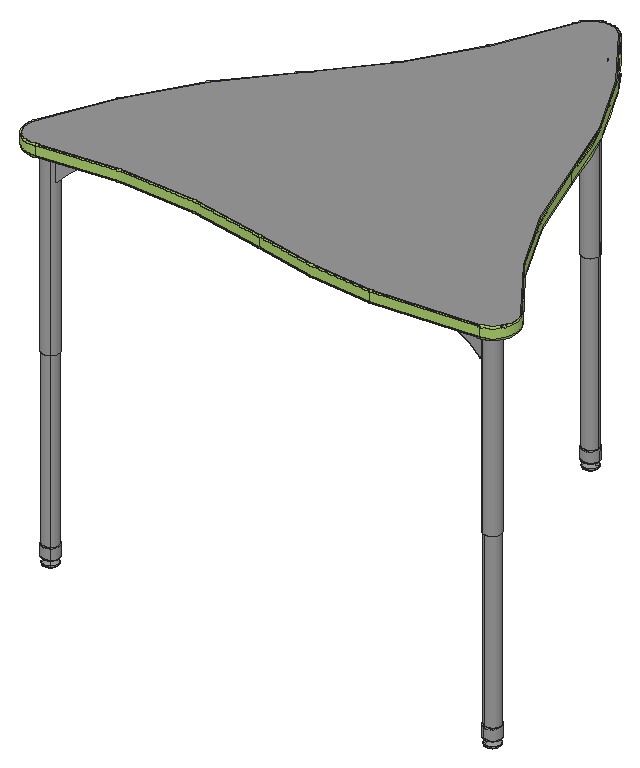
Revit family "Hierarchy Creator Triangle Table - Standing Height", category Furniture, Revit 2018
Family settings
  Work Plane-Based = No
  Always vertical = Yes
  Cut with Voids When Loaded = No
  Shared = No
  Room Calculation Point = No
Parameters
  Table Height = 3' - 5"
  Surface = Hierarchy Creator Triangle Table Standing Surface
  Leg Finish = Hierarchy Leg Platinum
  Edgeband = Hierarchy Creator Triangle Table Standing Edgeband
  Caster/Glide = Hierarchy Standing Leg - Glide : Hierarchy Standing Leg - Glide
Reference planes (in)
  plane 1 "Center (Front/Back)": y = 0
  plane 2: z = 0
  plane 3 "Center (Left/Right)": x = 0
  plane 4: z = 41
Dimensions and locks (in)
  "Table Height": plane 4 to level
  aligned and locked: plane 2 to level
  aligned and locked: nested 1 to plane 4
Nested families (in)
  nested 1: "Creator Triangle Tabletop" at (0, 0, 13.85825), type "Creator Triangle Tabletop"
  nested 2: "Hierarchy Standing Leg - Glide" at (-24.55717, -20.00894, 0) x (-0.6401, 0.7683, 0) z (0, 0, 1), type <- "Caster/Glide", Leg Finish <- "Leg Finish", Leg Height <- "Table Height", type "Hierarchy Standing Leg - Glide"
  nested 3: "Hierarchy Standing Leg - Glide" at (24.55071, -21.01143, 0) x (-0.3625, -0.932, 0) z (0, 0, 1), type <- "Caster/Glide", Leg Finish <- "Leg Finish", Leg Height <- "Table Height", type "Hierarchy Standing Leg - Glide"
  nested 4: "Hierarchy Standing Leg - Glide" at (0.87248, 21.97119, 0) x (0.9833, 0.182, 0) z (0, 0, 1), Leg Finish <- "Leg Finish", Leg Height <- "Table Height", type "Hierarchy Standing Leg - Glide"
Definition of nested family "Creator Triangle Tabletop"
  Parameters (values of type "Creator Triangle Tabletop")
    Surface = none
    Edgeband = none
  Reference planes (in)
    plane 1 "Center (Front/Back)": y = 0
    plane 2: z = 0
    plane 3 "Center (Left/Right)": x = 0
  Forms (in)
    Extrusion 1, solid, material <- "Surface"
      sketch origin (0, 0, 0) x (1, 0, 0) y (0, 1, 0)
        loop
          arc (-1.42378, 22.84297) -> (-6.62456, 11.60808) -> (-14.13009, 1.76238) r 56.95584
          arc (-14.13009, 1.76238) -> (-21.6442, -8.08146) -> (-26.86817, -19.30969) r 57.30935
          arc (-26.86817, -19.30969) -> (-26.40112, -21.65692) -> (-24.13479, -22.42596) r 2.39315
          arc (-24.13479, -22.42596) -> (-11.73084, -21.3202) -> (0.62319, -22.88813) r 57.99237
          arc (0.62319, -22.88813) -> (7.2637, -24.06713) -> (13.99613, -24.46826) r 58.07163
          arc (13.99613, -24.46826) -> (19.57025, -24.20083) -> (25.09088, -23.38541) r 56.56192
          arc (25.09088, -23.38541) -> (26.89076, -21.80799) -> (26.42446, -19.46057) r 2.39315
          arc (26.42446, -19.46057) -> (19.3109, -9.33091) -> (14.5219, 2.08303) r 57.69114
          arc (14.5219, 2.08303) -> (9.73833, 13.50429) -> (2.64138, 23.65125) r 58.05373
          arc (2.64138, 23.65125) -> (0.37753, 24.41026) -> (-1.42378, 22.84297) r 2.40367
      from 27.14175 to 28.39175
    Sweep 2, solid, material <- "Edgeband"
      path in 3D
        loop
          arc (13.99613, -24.46826, 28.39175) -> (7.2637, -24.06713, 28.39175) -> (0.62319, -22.88813, 28.39175) r 58.07163
          arc (0.62319, -22.88813, 28.39175) -> (-11.73084, -21.3202, 28.39175) -> (-24.13479, -22.42596, 28.39175) r 57.99237
          arc (-24.13479, -22.42596, 28.39175) -> (-26.40112, -21.65692, 28.39175) -> (-26.86817, -19.30969, 28.39175) r 2.39315
          arc (-26.86817, -19.30969, 28.39175) -> (-21.6442, -8.08146, 28.39175) -> (-14.13009, 1.76238, 28.39175) r 57.30935
          arc (-14.13009, 1.76238, 28.39175) -> (-6.62456, 11.60808, 28.39175) -> (-1.42378, 22.84297, 28.39175) r 56.95584
          arc (-1.42378, 22.84297, 28.39175) -> (0.37753, 24.41026, 28.39175) -> (2.64138, 23.65125, 28.39175) r 2.40367
          arc (2.64138, 23.65125, 28.39175) -> (9.73833, 13.50429, 28.39175) -> (14.5219, 2.08303, 28.39175) r 58.05373
          arc (14.5219, 2.08303, 28.39175) -> (19.3109, -9.33091, 28.39175) -> (26.42446, -19.46057, 28.39175) r 57.69114
          arc (26.42446, -19.46057, 28.39175) -> (26.89076, -21.80799, 28.39175) -> (25.09088, -23.38541, 28.39175) r 2.39315
          arc (25.09088, -23.38541, 28.39175) -> (19.57025, -24.20083, 28.39175) -> (13.99613, -24.46826, 28.39175) r 56.56192
      profile origin (19.57025, -24.20083, 28.39175) x (0.097139, -0.995271, 0) y (0, 0, 1)
        loop
          line (0, 0) -> (0, -1.25)
          arc (0, -1.25) -> (0.08678, -1.21406) -> (0.12272, -1.12728) r 0.12272
          line (0.12272, -1.12728) -> (0.12272, -0.12272)
          arc (0.12272, -0.12272) -> (0.08678, -0.03594) -> (0, 0) r 0.12272
  Lines and regions (in)
    sketch lines
      curve 1: arc (25.09088, -23.38541, 28.39175) -> (19.57025, -24.20083, 28.39175) -> (13.99613, -24.46826, 28.39175) r 56.56192
      curve 2: arc (13.99613, -24.46826, 28.39175) -> (7.2637, -24.06713, 28.39175) -> (0.62319, -22.88813, 28.39175) r 58.07163
      curve 3: arc (0.62319, -22.88813, 28.39175) -> (-11.73084, -21.3202, 28.39175) -> (-24.13479, -22.42596, 28.39175) r 57.99237
      curve 4: arc (-24.13479, -22.42596, 28.39175) -> (-26.40112, -21.65692, 28.39175) -> (-26.86817, -19.30969, 28.39175) r 2.39315
      curve 5: arc (-26.86817, -19.30969, 28.39175) -> (-21.6442, -8.08146, 28.39175) -> (-14.13009, 1.76238, 28.39175) r 57.30935
      curve 6: arc (-14.13009, 1.76238, 28.39175) -> (-6.62456, 11.60808, 28.39175) -> (-1.42378, 22.84297, 28.39175) r 56.95584
      curve 7: arc (-1.42378, 22.84297, 28.39175) -> (0.37753, 24.41026, 28.39175) -> (2.64138, 23.65125, 28.39175) r 2.40367
      curve 8: arc (2.64138, 23.65125, 28.39175) -> (9.73833, 13.50429, 28.39175) -> (14.5219, 2.08303, 28.39175) r 58.05373
      curve 9: arc (14.5219, 2.08303, 28.39175) -> (19.3109, -9.33091, 28.39175) -> (26.42446, -19.46057, 28.39175) r 57.69114
      curve 10: arc (26.42446, -19.46057, 28.39175) -> (26.89076, -21.80799, 28.39175) -> (25.09088, -23.38541, 28.39175) r 2.39315
  Dimensions and locks (in)
    aligned and locked: plane 2 to level
Definition of nested family "Hierarchy Standing Leg - Glide"
  Parameters (values of type "Hierarchy Standing Leg - Glide")
    Leg Finish [instance] = none
    Leg Height [instance] = 3' - 5"
  Reference planes (in)
    plane 1 "Center (Front/Back)": y = 0
    plane 2: z = 0
    plane 3 "Center (Left/Right)": x = 0
  Forms (in)
    Extrusion 1, solid
      sketch origin (-0.01562, 0, 0) x (1, 0, 0) y (0, 1, 0)
        loop
          circle (0.01563, 0) r 0.79147
      from 2 to 23.175
    Revolve 2, solid
      sketch origin (0, 0, 0) x (1, 0, 0) y (0, 0, 1)
        loop
          line (0, 2) -> (0, 0.74937) -> (0.84838, 0.74937)
          arc (0.84838, 0.74937) -> (0.89342, 0.76803) -> (0.91207, 0.81306) r 0.06369
          line (0.91207, 0.81306) -> (0.91207, 1.93631)
          arc (0.91207, 1.93631) -> (0.89342, 1.98134) -> (0.84838, 2) r 0.06369
          line (0.84838, 2) -> (0, 2)
        axis (0, 2) -> (0, 0.74937)
      angle from 0 to 360
    Revolve 3, solid
      sketch origin (0, 0, 0) x (1, 0, 0) y (0, 0, 1)
        loop
          line (0, 0.75) -> (0, 0) -> (0.74583, 0) -> (0.79147, 0.09013) -> (0.79147, 0.16241) -> (0.12474, 0.5) -> (0.12474, 0.75) -> (0, 0.75)
        axis (0, 0.75) -> (0, 0)
      angle from 0 to 360
  Dimensions and locks (in)
    "Leg Height": nested 1 to level
    aligned and locked: plane 2 to level
  Automatic sketch dimensions
    plane 1 "Center (Front/Back)" to Extrusion 1 sketch curve = 0' - 0"
    Extrusion 1 sketch curve to plane 3 "Center (Left/Right)" = 0' - 0"
    Revolve 2 sketch curve to plane 3 "Center (Left/Right)" = 0' - 0"  (x2)
    plane 3 "Center (Left/Right)" to Revolve 2 sketch curve = 0' - 0.84838"
    Revolve 2 sketch curve to Revolve 2 sketch curve = 0' - 0.84838"
    Revolve 2 sketch curve to Revolve 2 sketch curve = 0' - 0.06369"
    level to Revolve 2 sketch curve = 0' - 0.74937"
    Revolve 2 sketch curve to Revolve 2 sketch curve = 0' - 1.12324"
    Revolve 2 sketch curve to Revolve 2 sketch curve = 0' - 0.13731"
    Revolve 2 sketch curve to Revolve 2 sketch curve = 0' - 0 3/4"
    Revolve 3 sketch curve to plane 3 "Center (Left/Right)" = 0' - 0"  (x2)
    Revolve 3 sketch curve to level = 0' - 0"
    plane 3 "Center (Left/Right)" to Revolve 3 sketch curve = 0' - 0.12474"
    plane 3 "Center (Left/Right)" to Revolve 3 sketch curve = 0' - 0.74583"
    Revolve 3 sketch curve to Revolve 3 sketch curve = 0' - 0.04564"
    level to Revolve 3 sketch curve = 0' - 0.09013"
    Revolve 3 sketch curve to Revolve 3 sketch curve = 0' - 0.07228"
    level to Revolve 3 sketch curve = 0' - 0 1/2"
    Revolve 3 sketch curve to Revolve 3 sketch curve = 0' - 0 1/4"
    Revolve 3 sketch curve to level = 0' - 0 1/8"
    Revolve 3 sketch curve to Revolve 3 sketch curve = 0' - 0 1/8"
    radius of Extrusion 1 sketch curve = 0' - 0.79147"
  Nested families (in)
    nested 1: "Hierarchy Standing Upper Leg 2023" at (0, 0, 0.19983), Leg Finish <- "Leg Finish", type "Hierarchy Standing Upper Leg 2023"
      with Leg Finish none
  Definition of nested family "Hierarchy Standing Upper Leg 2023"
    Parameters (values of type "Hierarchy Standing Upper Leg 2023")
      Leg Finish [instance] = none
    Reference planes (in)
      plane 1 "Center (Front/Back)": y = 0
      plane 2: z = 0
      plane 3 "Center (Left/Right)": x = 0
    Forms (in)
      Extrusion 1, solid, material <- "Leg Finish"
        sketch origin (0, 0, 0) x (1, 0, 0) y (0, 1, 0)
          loop
            circle (0, 0) r 0.9129
        from 20.67418 to 40.67418
      Extrusion 2, solid, material <- "Leg Finish"
        sketch origin (0, 0, 12.998) x (1, 0, 0) y (0, 1, 0)
          loop
            line (-1.70174, 0.19183) -> (-3.96611, -4.49738)
            arc (-3.96611, -4.49738) -> (-3.91977, -5.33444) -> (-3.18615, -5.74016) r 0.86614
            line (-3.18615, -5.74016) -> (3.18615, -5.74016)
            arc (3.18615, -5.74016) -> (3.91977, -5.33444) -> (3.96611, -4.49738) r 0.86614
            line (3.96611, -4.49738) -> (1.70174, 0.19183)
            arc (1.70174, 0.19183) -> (0, 1.25984) -> (-1.70174, 0.19183) r 1.88976
        from 27.67618 to 27.80217
      Extrusion 3, solid, material <- "Leg Finish"
        sketch origin (12.41967, 1.58692, 0) x (0.434844, 0.900506, 0) y (0, 0, 1)
          loop
            arc (-12.68776, 40.67418) -> (-12.80559, 40.56418) -> (-12.70394, 40.43908) r 0.11811
            arc (-12.70394, 40.43908) -> (-9.98192, 39.53509) -> (-7.76426, 37.71614) r 7.87402
            arc (-7.76426, 37.71614) -> (-7.63344, 37.68136) -> (-7.55587, 37.79229) r 0.11811
            line (-7.55587, 37.79229) -> (-7.55587, 40.67418) -> (-12.68776, 40.67418)
        from -11.10976 to -10.98378
      Extrusion 4, solid, material <- "Leg Finish"
        sketch origin (-12.41967, 1.58692, 0) x (-0.434844, 0.900506, 0) y (0, 0, -1)
          loop
            line (-12.68776, -40.67418) -> (-7.55587, -40.67418) -> (-7.55587, -37.79229)
            arc (-7.55587, -37.79229) -> (-7.63344, -37.68136) -> (-7.76426, -37.71614) r 0.11811
            arc (-7.76426, -37.71614) -> (-9.98192, -39.53509) -> (-12.70394, -40.43908) r 7.87402
            arc (-12.70394, -40.43908) -> (-12.80559, -40.56418) -> (-12.68776, -40.67418) r 0.11811
        from -11.10976 to -10.98378
    Dimensions and locks (in)
      aligned and locked: plane 2 to level
